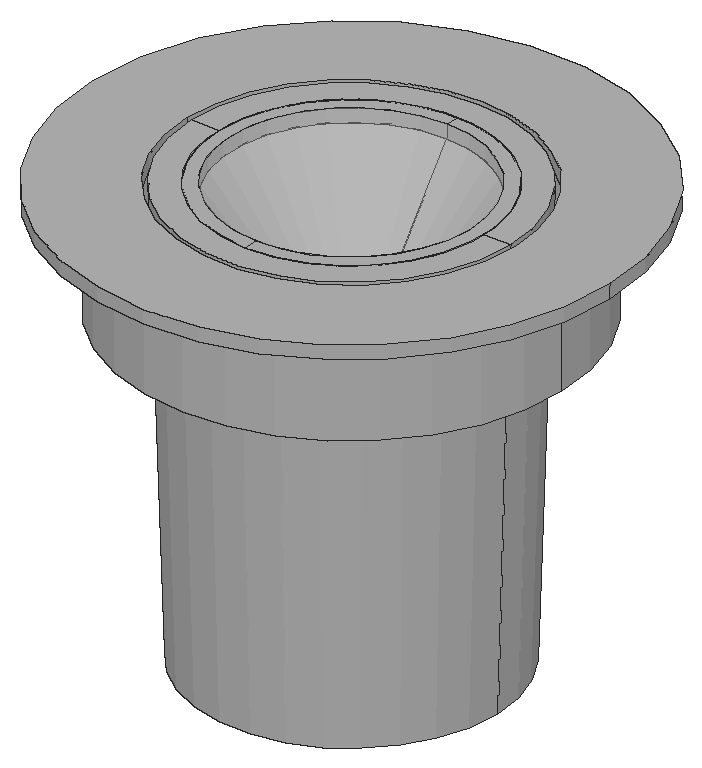
Revit family "3079451 Feilo Sylvania Lighting Fixture INST ECO KIT LED ADJ WH WW DIMMABLE", category Lighting Fixtures, host Face, Revit 2017
Family settings
  Host = Face
  Round Connector Dimension = Use Diameter
  Part Type = Normal
  OmniClass Number = 23.80.70.11.17
  OmniClass Title = Specialized Lighting by Location or Use
  Cut with Voids When Loaded = No
  Light Source = No
  Shared = No
  Room Calculation Point = No
Parameters (values of type "3079451 INST ECO KIT LED ADJ WH WW DIMMABLE")
  Weight = "8.16 kg"
  WarrantyStartDate [instance] = "n/a"
  WarrantyGuarantorParts = "n/a"
  WarrantyDurationUnit = "n/a"
  WarrantyDurationParts = "n/a"
  WarrantyDescription = "n/a"
  Voltage = 230 V
  URL = "http://www.sylvania-lighting.com"
  TypeName = "INST ECO KIT LED ADJ WH WW DIMMABLE"
  TypeHead_FEILO = Rotateable Head : 3079451 INST ECO KIT LED ADJ WH WW DIMMABLE
  SerialNumber [instance] = "n/a"
  PowerFactor = 0
  PowerConsumption = "10 W"
  NominalWidth = 0.0 mm
  NominalLength = 78.0 mm
  NominalHeight = 62.0 mm
  Name = "INST ECO KIT LED ADJ WH WW DIMMABLE"
  ModelReference = "INST ECO KIT LED ADJ WH WW DIMMABLE"
  ModelNumber = "3079451"
  Material_1_FEILO = Aluminum_Sylvania_Instar Eco Kit Adjustable SunDim_Bright
  RecessedDepth_FEILO = Height_FEILO + 38.0 mm  # 100.0 mm
  Material = "aluminium housing, plastic diffuser"
  ManufacturerName = "Feilo Sylvania"
  LuminousEfficacy = "46.2 lm/W"
  LuminaireType = ""
  LightOutputRatio = "100"
  LampsType = Lamp  # "LED"
  LampNominalLuminous = "462 lm"
  LampMacAdamStep = "n/a"
  LampColourTemperature = "3000 K"
  LampColourRenderingIndex = "83"
  Keynote = "16500"
  InstallationDate [instance] = "n/a"
  InputVoltage = "220-240V~"
  InputNominalFrequency = "n/a"
  IngressProtection = "IP23"
  ImpactProtectionIndex = "IK02"
  IfcExportType = "IfcLightFixtureType"
  IfcExportAs = "IfcLightFixtureType"
  HeadRadius_FEILO = HeadDiameter_FEILO / 2  # 24.0 mm
  HeadDiameter_FEILO = AccessoryInnerDiameter_FEILO - 1.5 mm  # 48.0 mm
  ExpectedLife = 50000
  EndAngle_FEILO [instance] = FixtureTiltAngle_FEILO + 180.00°  # 180.00°
  ElectricShockClassification = "Class II"
  DurationUnit = "hours"
  DocumentationLiterature = "http://www.sylvania-lighting.com/product/en-int/products/3079451"
  DimmingControlOptions = "Dimmable"
  CreatedOn = "2/19/2018"
  CreatedBy = ""
  BarCode [instance] = "n/a"
  AssetType = "Fixed"
  AssetIdentifier [instance] = "n/a"
  AccessoryBodyOuterDiameter_FEILO = AccessoryInnerDiameter_FEILO + 14.0 mm  # 63.5 mm
  Offset_FEILO = -5.3 mm  # constant formula
  Diameter_FEILO = AccessoryOuterDiameter_FEILO  # 78.0 mm
  AccessoryInnerDiameter_FEILO = 49.5 mm
  Height_FEILO = 62.0 mm
  FixtureTiltAngle_FEILO [instance] = 0.00°
  CutoutDiameter_FEILO = Diameter_FEILO - 10.0 mm  # 68.0 mm
  Material_2_FEILO = Aluminum_Sylvania_Instar Eco Kit Adjustable SunDim_White
  Material_3_FEILO = Aluminum_Sylvania_Instar Eco Kit Adjustable SunDim_White
  built-in parameter 1114216 [instance] = 1 (stored number, unit not read)
  Model = "INST ECO KIT LED ADJ WH WW DIMMABLE"
  Manufacturer = "Feilo Sylvania"  # constant formula
  Lamp = "LED"
  Material_4_FEILO = Glass_Sylvania_Instar Eco Kit Adjustable SunDim_Clear
  Description = "Utilsing SunDim technology to acheive warmer colour temperature as the fitting is dimmed. Incredible colour quality with 92  to 94 CRI. 12W LED white downlight. Ideal for hospitality accent and display lighting applications such as bathrooms, wellness areas, terraces or porches. Choice of fixed, adjustable and dimmable fixed versions. Comes complete and ready to install with its driver. Available in white and brushed aluminium finishes. Outstanding performace, up to 545lm - at 3,000K. A small 68mm round cut out is required, giving the ability to place your light source almost anywhere due to a shallow luminaire depth of 49.9mm. Quick and easy to install. No UV or IR radiations. LED technology provides energy efficient solution and reduced maintenance costs"  # constant formula
  Default Elevation = 0.0 mm
  built-in parameter 1140040 [instance] = 1
  Assembly Code = "D5020200"
  Apparent Load = 10 VA
  AccessoryBodyInnerDiameter_FEILO = 60.0 mm
  AccessoryOuterDiameter_FEILO = AccessoryBodyInnerDiameter_FEILO + 18.0 mm  # 78.0 mm
Reference planes
  plane 1 "Center (Front/Back)": y = 0
  plane 2: z = 0
  plane 3 "Center (Left/Right)": x = 0
  plane 4 "Fixture Bottom": z = 2
  plane 5 "Accessory Top": z = -15
  plane 6 "Rotation Plane": z = -5.29
  plane 7: y = 5
  plane 8: y = -5
  plane 9: x = -5
Forms (mm)
  Extrusion 1, void
    sketch origin (0, 0, 58) x (-1, 0, 0) y (0, -1, 0)
      loop
        circle (0, 0) r 34
    from -376.952 to -56
  Extrusion 2, solid, material "Aluminum_Sylvania_Instar Eco Kit Adjustable SunDim_White" <- "Material_3_FEILO"
    sketch origin (0, 0, 58) x (-1, 0, 0) y (0, -1, 0)
      loop
        circle (0, 0) r 39
      loop
        circle (0, 0) r 24.75
    from -58 to -56
  Extrusion 3, solid, material "Aluminum_Sylvania_Instar Eco Kit Adjustable SunDim_White" <- "Material_3_FEILO"
    sketch origin (0, 0, 58) x (-1, 0, 0) y (0, -1, 0)
      loop
        circle (0, 0) r 30
      loop
        circle (0, 0) r 31.75
    from -73 to -58
  Revolve 4, solid, not visible
    sketch origin (1.164, -4572, -5.29) x (-1, 0, 0) y (0, -1, 0)
      loop
        line (1.164, -4577) -> (6.164, -4577) -> (6.164, -4567) -> (1.164, -4567) -> (1.164, -4577)
      axis (1.164, -4577) -> (1.164, -4567)
    angle from 0 <- "FixtureTiltAngle_FEILO" to 180 <- "EndAngle_FEILO"
Cuts and joins
  joined: Extrusion 2, Extrusion 3
Dimensions and locks
  locked: plane 4 "Fixture Bottom" to plane 2 at 2
  locked: plane 2 to plane 5 "Accessory Top" at 15
  locked: plane 2 to plane 6 "Rotation Plane" at 5.29
  plane 8 to plane 1 "Center (Front/Back)" to plane 7 = 5.0 mm locked, 5.0 mm locked
  locked: plane 9 to plane 3 "Center (Left/Right)" at 5
  "AccessoryOuterDiameter_FEILO": diameter of Extrusion 2 sketch curve
  "AccessoryInnerDiameter_FEILO": diameter of Extrusion 2 sketch curve
  "AccessoryBodyOuterDiameter_FEILO": diameter of Extrusion 3 sketch curve
  "AccessoryBodyInnerDiameter_FEILO": diameter of Extrusion 3 sketch curve
  "CutoutDiameter_FEILO": diameter of Extrusion 1 sketch curve
  aligned and locked: plane 2 to host face
  aligned and locked: level to host face
  aligned and locked: Extrusion 2 to plane 2
  aligned and locked: plane 4 "Fixture Bottom" to Extrusion 2
  aligned and locked: plane 2 to Extrusion 3
  aligned and locked: Extrusion 3 to plane 5 "Accessory Top"
  aligned and locked: plane 4 "Fixture Bottom" to Extrusion 1
  aligned and locked: plane 3 "Center (Left/Right)" to Revolve 4 sketch curve
  aligned and locked: Revolve 4 sketch curve to plane 3 "Center (Left/Right)"
  aligned and locked: nested 1 to Revolve 4
  aligned and locked: nested 1 to plane 1 "Center (Front/Back)"
  aligned and locked: plane 8 to Revolve 4 sketch curve
  aligned and locked: Revolve 4 sketch curve to plane 7
  aligned and locked: Revolve 4 sketch curve to plane 9
Automatic sketch dimensions
  host sketch curve to host sketch curve = 345.0 mm
  host sketch curve to host sketch curve = 280.0 mm
  Revolve 4 sketch curve to plane 3 "Center (Left/Right)" = 0.0 mm  (x2)
  Revolve 4 sketch curve to plane 7 = 806.717 mm
  plane 8 to Revolve 4 sketch curve = 758.171 mm
  plane 1 "Center (Front/Back)" to Extrusion 1 sketch curve = 0.0 mm
  Extrusion 1 sketch curve to plane 3 "Center (Left/Right)" = 0.0 mm
  Extrusion 2 sketch curve to Extrusion 2 sketch curve = 0.0 mm  (x2)
  plane 1 "Center (Front/Back)" to Extrusion 2 sketch curve = 0.0 mm
  Extrusion 2 sketch curve to plane 3 "Center (Left/Right)" = 0.0 mm
  Extrusion 3 sketch curve to Extrusion 3 sketch curve = 0.0 mm  (x2)
  plane 1 "Center (Front/Back)" to Extrusion 3 sketch curve = 0.0 mm
  Extrusion 3 sketch curve to plane 3 "Center (Left/Right)" = 0.0 mm
Nested families
  nested 1: "Rotateable Head" at (0, -1.973, 0.01) x (1, 0, 0) z (0, 0, -1), type <- "TypeHead_FEILO", type "3079451 INST ECO KIT LED ADJ WH WW DIMMABLE"
Definition of nested family "Rotateable Head"
  Parameters (values of type "3079456 INST ECO KIT LED ADJ BA 2.7K DIMMABLE")
    Wattage = 10 W
    built-in parameter 1150110 = 1 (stored number, unit not read)
    URL = "http://www.feilosylvania.com"
    built-in parameter 1114217 = 1 (stored number, unit not read)
    Tilt Angle = 90.00°
    built-in parameter 1150109 = 1 (stored number, unit not read)
    built-in parameter 1150134 = (empty or 0)
    built-in parameter 1150113 = 1 (stored number, unit not read)
    Model = "INST ECO KIT LED ADJ BA 2.7K DIMMABLE"
    Material_1_FEILO = none
    Photometric Web File = "3079456.ies"
    Outer Radius = 24.0 mm
    Manufacturer = "Feilo Sylvania"
    built-in parameter 1150105 = 854.9 (stored number, unit not read)
    Lumens = 450 lm
    built-in parameter 1150115 = 1 (stored number, unit not read)
    built-in parameter 1150137 = (empty or 0)
    built-in parameter 1150139 = (empty or 0)
    built-in parameter 1150112 = 1 (stored number, unit not read)
    built-in parameter 1150114 = 1 (stored number, unit not read)
    Lamp = "LED"
    Keynote = "16500"
    Inner Radius = Outer Radius - 4.0 mm  # 20.0 mm
    built-in parameter 1150132 = 2
    built-in parameter 1150102 = (empty or 0)
    built-in parameter 1150107 = 2700 (stored number, unit not read)
    built-in parameter 1150138 = (empty or 0)
    built-in parameter 1150106 = 8.549 (stored number, unit not read)
    Height = 62.0 mm
    Emit from Circle Diameter = Diffuser Radius * 2  # 36.0 mm
    Emit Shape Visible in Rendering = no
    built-in parameter 1150104 = 4.1806 (stored number, unit not read)
    Dimming Lamp Color Temperature Shift = (empty or 0)
    Diffuser Radius = Outer Radius - 6.0 mm  # 18.0 mm
    Material_2_FEILO = none
    Description = "25° tiltable, IP23 Accent downlight perfect for 50W Halogen retrofits. Optimal solution in size and luminous efficiency for hospitality and accent and display lighting applications with a 36° beam and 450 lumen output. The downlight provides 2700K CCT and also comes including a dimmable driver."
    Default Elevation = 0.0 mm
    Color Filter = 16777215
    Material_3_FEILO = none
    built-in parameter 1114218 = 1 (stored number, unit not read)
    built-in parameter 1150133 = 10 (stored number, unit not read)
    Assembly Code = "D5020200"
    Apparent Load = 10 VA
  Types (12, lengths in mm): name | built-in parameter 1150134 | Model | Photometric Web File | built-in parameter 1150105 | Lumens | built-in parameter 1150107 | built-in parameter 1150106 | built-in parameter 1150104 | Description
    3079456 INST ECO KIT LED ADJ BA 2.7K DIMMABLE | (empty or 0) | "INST ECO KIT LED ADJ BA 2.7K DIMMABLE" | "3079456.ies" | 854.9 (stored number, unit not read) | 450 lm | 2700 (stored number, unit not read) | 8.549 (stored number, unit not read) | 4.1806 (stored number, unit not read) | "25° tiltable, IP23 Accent downlight perfect for 50W Halogen retrofits. Optimal solution in size and luminous efficiency for hospitality and accent and display lighting applications with a 36° beam and 450 lumen output. The downlight provides 2700K CCT and also comes including a dimmable driver."
    3079455 INST ECO KIT LED ADJ WH 2.7K DIMMABLE | (empty or 0) | "INST ECO KIT LED ADJ WH 2.7K DIMMABLE" | "3079455.ies" | 854.9 (stored number, unit not read) | 450 lm | 2700 (stored number, unit not read) | 8.549 (stored number, unit not read) | 4.1806 (stored number, unit not read) | "25° tiltable, IP23 Accent downlight perfect for 50W Halogen retrofits. Optimal solution in size and luminous efficiency for hospitality and accent and display lighting applications with a 36° beam and 450 lumen output. The downlight provides 2700K CCT and also comes including a dimmable driver."
    3079454 INST ECO KIT LED ADJ BA NW DIMMABLE | 12 | "INST ECO KIT LED ADJ BA NW DIMMABLE" | "3079454.ies" | 981.6 (stored number, unit not read) | 515 lm | 4000 (stored number, unit not read) | 9.816 (stored number, unit not read) | 4.7845 (stored number, unit not read) | "25° tiltable, IP23 Accent downlight perfect for 50W Halogen retrofits. Optimal solution in size and luminous efficiency for hospitality and accent and display lighting applications with a 36° beam and 515 lumen output. The downlight provides 4000K CCT and also comes including a dimmable driver."
    3079453 INST ECO KIT LED ADJ WH NW DIMMABLE | 12 | "INST ECO KIT LED ADJ WH NW DIMMABLE" | "3079453.ies" | 981.6 (stored number, unit not read) | 515 lm | 4000 (stored number, unit not read) | 9.816 (stored number, unit not read) | 4.7845 (stored number, unit not read) | "25° tiltable, IP23 Accent downlight perfect for 50W Halogen retrofits. Optimal solution in size and luminous efficiency for hospitality and accent and display lighting applications with a 36° beam and 515 lumen output. The downlight provides 4000K CCT and also comes including a dimmable driver."
    3079452 INST ECO KIT LED ADJ BA WW DIMMABLE | (empty or 0) | "INST ECO KIT LED ADJ BA WW DIMMABLE" | "3079452.ies" | 846.87 (stored number, unit not read) | 462 lm | 3000 (stored number, unit not read) | 8.4687 (stored number, unit not read) | 4.2921 (stored number, unit not read) | "25° tiltable, IP23 Accent downlight perfect for 50W Halogen retrofits. Optimal solution in size and luminous efficiency for hospitality and accent and display lighting applications with a 36° beam and 462 lumen output. The downlight provides 3000K CCT and also comes including a dimmable driver."
    3079451 INST ECO KIT LED ADJ WH WW DIMMABLE | (empty or 0) | "INST ECO KIT LED ADJ WH WW DIMMABLE" | "3079451.ies" | 846.87 (stored number, unit not read) | 462 lm | 3000 (stored number, unit not read) | 8.4687 (stored number, unit not read) | 4.2921 (stored number, unit not read) | "25° tiltable, IP23 Accent downlight perfect for 50W Halogen retrofits. Optimal solution in size and luminous efficiency for hospitality and accent and display lighting applications with a 36° beam and 462 lumen output. The downlight provides 3000K CCT and also comes including a dimmable driver."
    3079356 INST ECO KIT LED ADJ BA 2700K | (empty or 0) | "INST ECO KIT LED ADJ BA 2700K" | "3079356.ies" | 854.9 (stored number, unit not read) | 450 lm | 2700 (stored number, unit not read) | 8.549 (stored number, unit not read) | 4.1806 (stored number, unit not read) | "25° tiltable, IP23 Accent downlight perfect for 50W Halogen retrofits. Optimal solution in size and luminous efficiency for hospitality and accent and display lighting applications with a 36° beam and 450 lumen output. The downlight provides 2700K CCT and also comes including a non dimmable driver."
    3079355 INST ECO KIT LED ADJ WH 2700K | (empty or 0) | "INST ECO KIT LED ADJ WH 2700K" | "3079355.ies" | 854.9 (stored number, unit not read) | 450 lm | 2700 (stored number, unit not read) | 8.549 (stored number, unit not read) | 4.1806 (stored number, unit not read) | "25° tiltable, IP23 Accent downlight perfect for 50W Halogen retrofits. Optimal solution in size and luminous efficiency for hospitality and accent and display lighting applications with a 36° beam and 450 lumen output. The downlight provides 2700K CCT and also comes including a non dimmable driver."
    3079354 INST ECO KIT LED ADJ BA 36° NW | 12 | "INST ECO KIT LED ADJ BA 36° NW" | "3079354.ies" | 981.6 (stored number, unit not read) | 515 lm | 4000 (stored number, unit not read) | 9.816 (stored number, unit not read) | 4.7845 (stored number, unit not read) | "25° tiltable, IP23 Accent downlight perfect for 50W Halogen retrofits. Optimal solution in size and luminous efficiency for hospitality and accent and display lighting applications with a 36° beam and 515 lumen output. The downlight provides 4000K CCT and also comes including a non dimmable driver."
    3079353 INST ECO KIT LED ADJ WH 36° NW | 12 | "INST ECO KIT LED ADJ WH 36° NW" | "3079353.ies" | 981.6 (stored number, unit not read) | 515 lm | 4000 (stored number, unit not read) | 9.816 (stored number, unit not read) | 4.7845 (stored number, unit not read) | "25° tiltable, IP23 Accent downlight perfect for 50W Halogen retrofits. Optimal solution in size and luminous efficiency for hospitality and accent and display lighting applications with a 36° beam and 515 lumen output. The downlight provides 4000K CCT and also comes including a non dimmable driver."
    3079352 INST ECO KIT LED ADJ BA 36° WW | (empty or 0) | "INST ECO KIT LED ADJ BA 36° WW" | "3079352.ies" | 846.87 (stored number, unit not read) | 462 lm | 3000 (stored number, unit not read) | 8.4687 (stored number, unit not read) | 4.2921 (stored number, unit not read) | "25° tiltable, IP23 Accent downlight perfect for 50W Halogen retrofits. Optimal solution in size and luminous efficiency for hospitality and accent and display lighting applications with a 36° beam and 462 lumen output. The downlight provides 3000K CCT and also comes including a non dimmable driver."
    3079351 INST ECO KIT LED ADJ WH 36° WW | (empty or 0) | "INST ECO KIT LED ADJ WH 36° WW" | "3079351.ies" | 846.87 (stored number, unit not read) | 462 lm | 3000 (stored number, unit not read) | 8.4687 (stored number, unit not read) | 4.2921 (stored number, unit not read) | "25° tiltable, IP23 Accent downlight perfect for 50W Halogen retrofits. Optimal solution in size and luminous efficiency for hospitality and accent and display lighting applications with a 36° beam and 462 lumen output. The downlight provides 3000K CCT and also comes including a non dimmable driver."
  Reference planes
    plane 1 "Center (Front/Back)": y = -1.973
    plane 2: z = 0
    plane 3 "Center (Left/Right)": x = 0
    plane 4: z = -2
    plane 5: z = 62
    plane 6: z = 58
    plane 7: z = 5.3
  Forms (mm)
    Revolve 1, solid, material <- "Material_1_FEILO", detail levels fine
      sketch origin (0, 0, 0) x (0, 1, 0) y (0, 0, 1)
        loop
          line (18.027, -2) -> (17.433, 17) -> (-1.973, 17) -> (-1.973, 15) -> (5.129, 15) -> (16.027, 0) -> (16.027, -2) -> (18.027, -2)
        axis (-1.973, 17) -> (-1.973, -2)
      angle from 0 to 360
    Extrusion 2, solid, material <- "Material_2_FEILO", detail levels fine
      sketch origin (0, 0, 0) x (1, 0, 0) y (0, 1, 0)
        loop
          circle (0, -1.973) r 18
      from -2 to 0
    Revolve 3, solid, material <- "Material_3_FEILO", detail levels fine
      sketch origin (0, -1.973, 0) x (1, 0, 0) y (0, 0, 1)
        loop
          line (-24, -2) -> (-20, -2) -> (-18.125, 58) -> (0, 58) -> (0, 62) -> (-22, 62) -> (-24, -2)
        axis (0, 62) -> (0, -2)
      angle from 0 to 360
    Revolve 4, solid, material <- "Material_3_FEILO", detail levels coarse+medium
      sketch origin (0, -1.973, 0) x (1, 0, 0) y (0, 0, 1)
        loop
          line (-24, -2) -> (0, -2) -> (0, 62) -> (-22, 62) -> (-24, -2)
        axis (0, 62) -> (0, -2)
      angle from 0 to 360
  Dimensions and locks
    "Outer Radius": plane 3 "Center (Left/Right)" to Revolve 3 sketch curve
    locked: Revolve 3 sketch curve to Revolve 3 sketch curve at 4
    locked: Revolve 3 sketch curve to Revolve 3 sketch curve at 3.998
    "Inner Radius": Revolve 1 sketch curve to plane 1 "Center (Front/Back)"
    locked: Revolve 1 sketch curve to Revolve 1 sketch curve at 2
    locked: plane 7 to plane 2 at 5.3
    "Outer Radius": imposter light to Revolve 4 sketch curve
    locked: level to plane 4 at 2
    locked: plane 5 to plane 6 at 4
    "Height": plane 5 to level
    "Diffuser Radius": radius of Extrusion 2 sketch curve
    aligned and locked: level to plane 2
    aligned and locked: Revolve 1 sketch curve to plane 4
    aligned and locked: plane 1 "Center (Front/Back)" to Revolve 1 sketch curve
    aligned and locked: Revolve 1 sketch curve to plane 1 "Center (Front/Back)"
    aligned and locked: plane 4 to Revolve 1 sketch curve
    aligned and locked: plane 2 to Revolve 1 sketch curve
    aligned and locked: Revolve 1 sketch curve to Revolve 1 sketch curve
    aligned and locked: Extrusion 2 to plane 4
    aligned and locked: plane 2 to Extrusion 2
    aligned and locked: Revolve 3 sketch curve to plane 5
    aligned and locked: Revolve 3 sketch curve to plane 6
    aligned and locked: Revolve 3 sketch curve to plane 3 "Center (Left/Right)"  (x2)
    aligned and locked: plane 3 "Center (Left/Right)" to imposter light
    aligned and locked: plane 1 "Center (Front/Back)" to imposter light
    aligned and locked: plane 4 to imposter light
    aligned and locked: Revolve 4 sketch curve to plane 5
    aligned and locked: Revolve 4 sketch curve to plane 4
    aligned and locked: Revolve 4 sketch curve to plane 3 "Center (Left/Right)"
  Automatic sketch dimensions
    Revolve 1 sketch curve to plane 1 "Center (Front/Back)" = 7.102 mm
    Revolve 1 sketch curve to Revolve 1 sketch curve = 12.304 mm
    Revolve 1 sketch curve to plane 7 = 9.7 mm
    Revolve 1 sketch curve to Revolve 1 sketch curve = 2.0 mm
    Revolve 1 sketch curve to plane 4 = 14.644 mm
    Revolve 1 sketch curve to Revolve 1 sketch curve = 17.617 mm
    plane 1 "Center (Front/Back)" to Extrusion 2 sketch curve = 0.0 mm
    Extrusion 2 sketch curve to plane 3 "Center (Left/Right)" = 0.0 mm
    Revolve 3 sketch curve to plane 4 = 0.0 mm
    Revolve 3 sketch curve to plane 4 = 30.928 mm
    Revolve 3 sketch curve to Revolve 3 sketch curve = 20.072 mm
    Revolve 4 sketch curve to plane 3 "Center (Left/Right)" = 0.0 mm
    Revolve 4 sketch curve to plane 3 "Center (Left/Right)" = 22.0 mm
    Revolve 4 sketch curve to Revolve 4 sketch curve = 30.928 mm
    Revolve 4 sketch curve to Revolve 4 sketch curve = 20.072 mm
